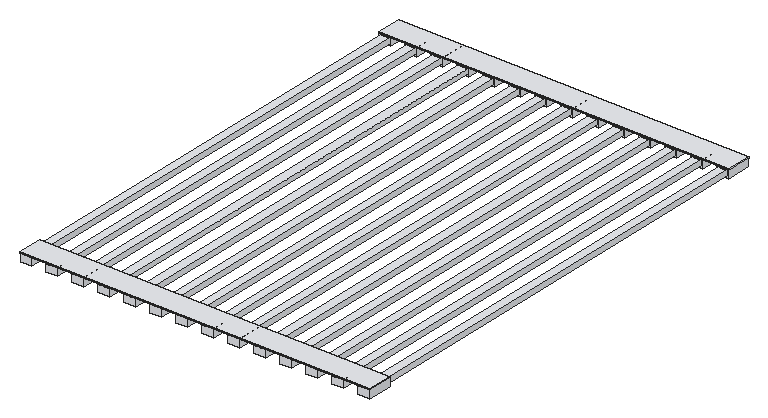
Revit family "COCLAC040 CLASSIC ROLL OUT MAT", category Plumbing Fixtures, host Face, Revit 2015
Parameters (values of type "CLASSIC ROLL OUT MAT")
  Waste Connection = no
  Vent Connection = no
  URL = "https://www.caroma.com.au/"
  Model = "COCLAC040"
  Material_Base = GWA-Acrylic-White
  Manufacturer = "GWA Bathrooms & Kitchens"  # constant formula
  HW Connection = no
  Description = "CLASSIC ROLL OUT MAT"
  Default Elevation = 0 mm
  CreatedBy_ANZRS = "GWA Bathrooms & Kitchens"  # constant formula
  CW Connection = no
  Assembly Code = "E1090300"
Reference planes
  plane 1 "Center (Front/Back)": y = 0
  plane 2: z = 0
  plane 3 "Center (Left/Right)": x = 0
Forms (mm)
  Extrusion 1, solid, material "GWA-Acrylic-White" <- "Material_Base"
    sketch origin (0, 0, 0) x (1, 0, 0) y (0, 1, 0)
      loop
        line (132.578, -20.958) -> (132.578, -43.958) -> (143.578, -43.958) -> (143.578, -20.958) -> (132.578, -20.958)
    from 0 to 7
  Extrusion 2, solid, material "GWA-Acrylic-White" <- "Material_Base"
    sketch origin (-24.5, 0, 0) x (1, 0, 0) y (0, 1, 0)
      loop
        line (132.578, -20.958) -> (132.578, -43.958) -> (143.578, -43.958) -> (143.578, -20.958) -> (132.578, -20.958)
    from 0 to 7
  Extrusion 3, solid, material "GWA-Acrylic-White" <- "Material_Base"
    sketch origin (-49, 0, 0) x (1, 0, 0) y (0, 1, 0)
      loop
        line (132.578, -20.958) -> (132.578, -43.958) -> (143.578, -43.958) -> (143.578, -20.958) -> (132.578, -20.958)
    from 0 to 7
  Extrusion 4, solid, material "GWA-Acrylic-White" <- "Material_Base"
    sketch origin (-73.5, 0, 0) x (1, 0, 0) y (0, 1, 0)
      loop
        line (132.578, -20.958) -> (132.578, -43.958) -> (143.578, -43.958) -> (143.578, -20.958) -> (132.578, -20.958)
    from 0 to 7
  Extrusion 5, solid, material "GWA-Acrylic-White" <- "Material_Base"
    sketch origin (-98, 0, 0) x (1, 0, 0) y (0, 1, 0)
      loop
        line (132.578, -20.958) -> (132.578, -43.958) -> (143.578, -43.958) -> (143.578, -20.958) -> (132.578, -20.958)
    from 0 to 7
  Extrusion 6, solid, material "GWA-Acrylic-White" <- "Material_Base"
    sketch origin (-122.5, 0, 0) x (1, 0, 0) y (0, 1, 0)
      loop
        line (132.578, -20.958) -> (132.578, -43.958) -> (143.578, -43.958) -> (143.578, -20.958) -> (132.578, -20.958)
    from 0 to 7
  Extrusion 7, solid, material "GWA-Acrylic-White" <- "Material_Base"
    sketch origin (-147, 0, 0) x (1, 0, 0) y (0, 1, 0)
      loop
        line (132.578, -20.958) -> (132.578, -43.958) -> (143.578, -43.958) -> (143.578, -20.958) -> (132.578, -20.958)
    from 0 to 7
  Extrusion 8, solid, material "GWA-Acrylic-White" <- "Material_Base"
    sketch origin (-171.5, 0, 0) x (1, 0, 0) y (0, 1, 0)
      loop
        line (132.578, -20.958) -> (132.578, -43.958) -> (143.578, -43.958) -> (143.578, -20.958) -> (132.578, -20.958)
    from 0 to 7
  Extrusion 9, solid, material "GWA-Acrylic-White" <- "Material_Base"
    sketch origin (-196, 0, 0) x (1, 0, 0) y (0, 1, 0)
      loop
        line (132.578, -20.958) -> (132.578, -43.958) -> (143.578, -43.958) -> (143.578, -20.958) -> (132.578, -20.958)
    from 0 to 7
  Extrusion 10, solid, material "GWA-Acrylic-White" <- "Material_Base"
    sketch origin (-220.5, 0, 0) x (1, 0, 0) y (0, 1, 0)
      loop
        line (132.578, -20.958) -> (132.578, -43.958) -> (143.578, -43.958) -> (143.578, -20.958) -> (132.578, -20.958)
    from 0 to 7
  Extrusion 11, solid, material "GWA-Acrylic-White" <- "Material_Base"
    sketch origin (-245, 0, 0) x (1, 0, 0) y (0, 1, 0)
      loop
        line (132.578, -20.958) -> (132.578, -43.958) -> (143.578, -43.958) -> (143.578, -20.958) -> (132.578, -20.958)
    from 0 to 7
  Extrusion 12, solid, material "GWA-Acrylic-White" <- "Material_Base"
    sketch origin (-269.5, 0, 0) x (1, 0, 0) y (0, 1, 0)
      loop
        line (132.578, -20.958) -> (132.578, -43.958) -> (143.578, -43.958) -> (143.578, -20.958) -> (132.578, -20.958)
    from 0 to 7
  Extrusion 13, solid, material "GWA-Acrylic-White" <- "Material_Base"
    sketch origin (-294, 0, 0) x (1, 0, 0) y (0, 1, 0)
      loop
        line (132.578, -20.958) -> (132.578, -43.958) -> (143.578, -43.958) -> (143.578, -20.958) -> (132.578, -20.958)
    from 0 to 7
  Extrusion 14, solid, material "GWA-Acrylic-White" <- "Material_Base"
    sketch origin (-318.5, 0, 0) x (1, 0, 0) y (0, 1, 0)
      loop
        line (132.578, -20.958) -> (132.578, -43.958) -> (143.578, -43.958) -> (143.578, -20.958) -> (132.578, -20.958)
    from 0 to 7
  Extrusion 15, solid, material "GWA-Acrylic-White" <- "Material_Base"
    sketch origin (0, 423, 0) x (1, 0, 0) y (0, 1, 0)
      loop
        line (132.578, -20.958) -> (132.578, -43.958) -> (143.578, -43.958) -> (143.578, -20.958) -> (132.578, -20.958)
    from 0 to 7
  Extrusion 16, solid, material "GWA-Acrylic-White" <- "Material_Base"
    sketch origin (-24.5, 423, 0) x (1, 0, 0) y (0, 1, 0)
      loop
        line (132.578, -20.958) -> (132.578, -43.958) -> (143.578, -43.958) -> (143.578, -20.958) -> (132.578, -20.958)
    from 0 to 7
  Extrusion 17, solid, material "GWA-Acrylic-White" <- "Material_Base"
    sketch origin (-49, 423, 0) x (1, 0, 0) y (0, 1, 0)
      loop
        line (132.578, -20.958) -> (132.578, -43.958) -> (143.578, -43.958) -> (143.578, -20.958) -> (132.578, -20.958)
    from 0 to 7
  Extrusion 18, solid, material "GWA-Acrylic-White" <- "Material_Base"
    sketch origin (-73.5, 423, 0) x (1, 0, 0) y (0, 1, 0)
      loop
        line (132.578, -20.958) -> (132.578, -43.958) -> (143.578, -43.958) -> (143.578, -20.958) -> (132.578, -20.958)
    from 0 to 7
  Extrusion 19, solid, material "GWA-Acrylic-White" <- "Material_Base"
    sketch origin (-98, 423, 0) x (1, 0, 0) y (0, 1, 0)
      loop
        line (132.578, -20.958) -> (132.578, -43.958) -> (143.578, -43.958) -> (143.578, -20.958) -> (132.578, -20.958)
    from 0 to 7
  Extrusion 20, solid, material "GWA-Acrylic-White" <- "Material_Base"
    sketch origin (-122.5, 423, 0) x (1, 0, 0) y (0, 1, 0)
      loop
        line (132.578, -20.958) -> (132.578, -43.958) -> (143.578, -43.958) -> (143.578, -20.958) -> (132.578, -20.958)
    from 0 to 7
  Extrusion 21, solid, material "GWA-Acrylic-White" <- "Material_Base"
    sketch origin (-147, 423, 0) x (1, 0, 0) y (0, 1, 0)
      loop
        line (132.578, -20.958) -> (132.578, -43.958) -> (143.578, -43.958) -> (143.578, -20.958) -> (132.578, -20.958)
    from 0 to 7
  Extrusion 22, solid, material "GWA-Acrylic-White" <- "Material_Base"
    sketch origin (-171.5, 423, 0) x (1, 0, 0) y (0, 1, 0)
      loop
        line (132.578, -20.958) -> (132.578, -43.958) -> (143.578, -43.958) -> (143.578, -20.958) -> (132.578, -20.958)
    from 0 to 7
  Extrusion 23, solid, material "GWA-Acrylic-White" <- "Material_Base"
    sketch origin (-196, 423, 0) x (1, 0, 0) y (0, 1, 0)
      loop
        line (132.578, -20.958) -> (132.578, -43.958) -> (143.578, -43.958) -> (143.578, -20.958) -> (132.578, -20.958)
    from 0 to 7
  Extrusion 24, solid, material "GWA-Acrylic-White" <- "Material_Base"
    sketch origin (-220.5, 423, 0) x (1, 0, 0) y (0, 1, 0)
      loop
        line (132.578, -20.958) -> (132.578, -43.958) -> (143.578, -43.958) -> (143.578, -20.958) -> (132.578, -20.958)
    from 0 to 7
  Extrusion 25, solid, material "GWA-Acrylic-White" <- "Material_Base"
    sketch origin (-245, 423, 0) x (1, 0, 0) y (0, 1, 0)
      loop
        line (132.578, -20.958) -> (132.578, -43.958) -> (143.578, -43.958) -> (143.578, -20.958) -> (132.578, -20.958)
    from 0 to 7
  Extrusion 26, solid, material "GWA-Acrylic-White" <- "Material_Base"
    sketch origin (-269.5, 423, 0) x (1, 0, 0) y (0, 1, 0)
      loop
        line (132.578, -20.958) -> (132.578, -43.958) -> (143.578, -43.958) -> (143.578, -20.958) -> (132.578, -20.958)
    from 0 to 7
  Extrusion 27, solid, material "GWA-Acrylic-White" <- "Material_Base"
    sketch origin (-294, 423, 0) x (1, 0, 0) y (0, 1, 0)
      loop
        line (132.578, -20.958) -> (132.578, -43.958) -> (143.578, -43.958) -> (143.578, -20.958) -> (132.578, -20.958)
    from 0 to 7
  Extrusion 28, solid, material "GWA-Acrylic-White" <- "Material_Base"
    sketch origin (-318.5, 423, 0) x (1, 0, 0) y (0, 1, 0)
      loop
        line (132.578, -20.958) -> (132.578, -43.958) -> (143.578, -43.958) -> (143.578, -20.958) -> (132.578, -20.958)
    from 0 to 7
  Extrusion 29, solid, material "GWA-Acrylic-White" <- "Material_Base"
    sketch origin (0, 0, 0) x (1, 0, 0) y (0, 0, 1)
      loop
        line (134.078, 6.5) -> (134.078, 1.5) -> (142.078, 1.5) -> (142.078, 6.5) -> (134.078, 6.5)
    from -379.042 to 20.958
  Extrusion 30, solid, material "GWA-Acrylic-White" <- "Material_Base"
    sketch origin (-24.5, 0, 0) x (1, 0, 0) y (0, 0, 1)
      loop
        line (134.078, 6.5) -> (134.078, 1.5) -> (142.078, 1.5) -> (142.078, 6.5) -> (134.078, 6.5)
    from -379.042 to 20.958
  Extrusion 31, solid, material "GWA-Acrylic-White" <- "Material_Base"
    sketch origin (-49, 0, 0) x (1, 0, 0) y (0, 0, 1)
      loop
        line (134.078, 6.5) -> (134.078, 1.5) -> (142.078, 1.5) -> (142.078, 6.5) -> (134.078, 6.5)
    from -379.042 to 20.958
  Extrusion 32, solid, material "GWA-Acrylic-White" <- "Material_Base"
    sketch origin (-73.5, 0, 0) x (1, 0, 0) y (0, 0, 1)
      loop
        line (134.078, 6.5) -> (134.078, 1.5) -> (142.078, 1.5) -> (142.078, 6.5) -> (134.078, 6.5)
    from -379.042 to 20.958
  Extrusion 33, solid, material "GWA-Acrylic-White" <- "Material_Base"
    sketch origin (-98, 0, 0) x (1, 0, 0) y (0, 0, 1)
      loop
        line (134.078, 6.5) -> (134.078, 1.5) -> (142.078, 1.5) -> (142.078, 6.5) -> (134.078, 6.5)
    from -379.042 to 20.958
  Extrusion 34, solid, material "GWA-Acrylic-White" <- "Material_Base"
    sketch origin (-122.5, 0, 0) x (1, 0, 0) y (0, 0, 1)
      loop
        line (134.078, 6.5) -> (134.078, 1.5) -> (142.078, 1.5) -> (142.078, 6.5) -> (134.078, 6.5)
    from -379.042 to 20.958
  Extrusion 35, solid, material "GWA-Acrylic-White" <- "Material_Base"
    sketch origin (-147, 0, 0) x (1, 0, 0) y (0, 0, 1)
      loop
        line (134.078, 6.5) -> (134.078, 1.5) -> (142.078, 1.5) -> (142.078, 6.5) -> (134.078, 6.5)
    from -379.042 to 20.958
  Extrusion 36, solid, material "GWA-Acrylic-White" <- "Material_Base"
    sketch origin (-171.5, 0, 0) x (1, 0, 0) y (0, 0, 1)
      loop
        line (134.078, 6.5) -> (134.078, 1.5) -> (142.078, 1.5) -> (142.078, 6.5) -> (134.078, 6.5)
    from -379.042 to 20.958
  Extrusion 37, solid, material "GWA-Acrylic-White" <- "Material_Base"
    sketch origin (-196, 0, 0) x (1, 0, 0) y (0, 0, 1)
      loop
        line (134.078, 6.5) -> (134.078, 1.5) -> (142.078, 1.5) -> (142.078, 6.5) -> (134.078, 6.5)
    from -379.042 to 20.958
  Extrusion 38, solid, material "GWA-Acrylic-White" <- "Material_Base"
    sketch origin (-220.5, 0, 0) x (1, 0, 0) y (0, 0, 1)
      loop
        line (134.078, 6.5) -> (134.078, 1.5) -> (142.078, 1.5) -> (142.078, 6.5) -> (134.078, 6.5)
    from -379.042 to 20.958
  Extrusion 39, solid, material "GWA-Acrylic-White" <- "Material_Base"
    sketch origin (-245, 0, 0) x (1, 0, 0) y (0, 0, 1)
      loop
        line (134.078, 6.5) -> (134.078, 1.5) -> (142.078, 1.5) -> (142.078, 6.5) -> (134.078, 6.5)
    from -379.042 to 20.958
  Extrusion 40, solid, material "GWA-Acrylic-White" <- "Material_Base"
    sketch origin (-269.5, 0, 0) x (1, 0, 0) y (0, 0, 1)
      loop
        line (134.078, 6.5) -> (134.078, 1.5) -> (142.078, 1.5) -> (142.078, 6.5) -> (134.078, 6.5)
    from -379.042 to 20.958
  Extrusion 41, solid, material "GWA-Acrylic-White" <- "Material_Base"
    sketch origin (-294, 0, 0) x (1, 0, 0) y (0, 0, 1)
      loop
        line (134.078, 6.5) -> (134.078, 1.5) -> (142.078, 1.5) -> (142.078, 6.5) -> (134.078, 6.5)
    from -379.042 to 20.958
  Extrusion 42, solid, material "GWA-Acrylic-White" <- "Material_Base"
    sketch origin (-318.5, 0, 0) x (1, 0, 0) y (0, 0, 1)
      loop
        line (134.078, 6.5) -> (134.078, 1.5) -> (142.078, 1.5) -> (142.078, 6.5) -> (134.078, 6.5)
    from -379.042 to 20.958
  Extrusion 43, solid, material "GWA-Acrylic-White" <- "Material_Base"
    sketch origin (0, 0, 0) x (1, 0, 0) y (0, 1, 0)
      loop
        line (-185.922, 402.042) -> (-185.922, 379.042) -> (143.578, 379.042) -> (143.578, 402.042) -> (-185.922, 402.042)
    from 7 to 8
  Extrusion 44, solid, material "GWA-Acrylic-White" <- "Material_Base"
    sketch origin (0, -423, 0) x (1, 0, 0) y (0, 1, 0)
      loop
        line (-185.922, 402.042) -> (-185.922, 379.042) -> (143.578, 379.042) -> (143.578, 402.042) -> (-185.922, 402.042)
    from 7 to 8
Lines and regions (mm)
  Masking region 1
    outline origin (0, 0, 0) x (1, 0, 0) y (0, 1, 0)
      loop
        line (143.578, 402.042) -> (-185.922, 402.042) -> (-185.922, 379.042) -> (143.578, 379.042) -> (143.578, 402.042)
  Masking region 2
    outline origin (0, 0, 0) x (1, 0, 0) y (0, 1, 0)
      loop
        line (-185.922, -20.958) -> (-185.922, -43.958) -> (143.578, -43.958) -> (143.578, -20.958) -> (-185.922, -20.958)
  Masking region 3
    outline origin (0, 0, 0) x (1, 0, 0) y (0, 1, 0)
      loop
        line (134.078, 379.042) -> (134.078, -20.958) -> (142.078, -20.958) -> (142.078, 379.042) -> (134.078, 379.042)
      loop
        line (109.578, 379.042) -> (109.578, -20.958) -> (117.578, -20.958) -> (117.578, 379.042) -> (109.578, 379.042)
      loop
        line (85.078, 379.042) -> (85.078, -20.958) -> (93.078, -20.958) -> (93.078, 379.042) -> (85.078, 379.042)
      loop
        line (60.578, 379.042) -> (60.578, -20.958) -> (68.578, -20.958) -> (68.578, 379.042) -> (60.578, 379.042)
      loop
        line (36.078, 379.042) -> (36.078, -20.958) -> (44.078, -20.958) -> (44.078, 379.042) -> (36.078, 379.042)
      loop
        line (11.578, 379.042) -> (11.578, -20.958) -> (19.578, -20.958) -> (19.578, 379.042) -> (11.578, 379.042)
      loop
        line (-12.922, 379.042) -> (-12.922, -20.958) -> (-4.922, -20.958) -> (-4.922, 379.042) -> (-12.922, 379.042)
      loop
        line (-37.422, 379.042) -> (-37.422, -20.958) -> (-29.422, -20.958) -> (-29.422, 379.042) -> (-37.422, 379.042)
      loop
        line (-61.922, 379.042) -> (-61.922, -20.958) -> (-53.922, -20.958) -> (-53.922, 379.042) -> (-61.922, 379.042)
      loop
        line (-86.422, 379.042) -> (-86.422, -20.958) -> (-78.422, -20.958) -> (-78.422, 379.042) -> (-86.422, 379.042)
      loop
        line (-110.922, 379.042) -> (-110.922, -20.958) -> (-102.922, -20.958) -> (-102.922, 379.042) -> (-110.922, 379.042)
      loop
        line (-135.422, 379.042) -> (-135.422, -20.958) -> (-127.422, -20.958) -> (-127.422, 379.042) -> (-135.422, 379.042)
      loop
        line (-159.922, 379.042) -> (-159.922, -20.958) -> (-151.922, -20.958) -> (-151.922, 379.042) -> (-159.922, 379.042)
      loop
        line (-184.422, 379.042) -> (-184.422, -20.958) -> (-176.422, -20.958) -> (-176.422, 379.042) -> (-184.422, 379.042)
  Masking region 4
    outline origin (0, 0, 0) x (1, 0, 0) y (0, 0, 1)
      loop
        line (-185.922, 8) -> (-185.922, 0) -> (-174.922, 0) -> (-174.922, 7) -> (-161.422, 7) -> (-161.422, 0) -> (-150.422, 0) -> (-150.422, 7) -> (-136.922, 7) -> (-136.922, 0) -> (-125.922, 0) -> (-125.922, 7) -> (-112.422, 7) -> (-112.422, 0) -> (-101.422, 0) -> (-101.422, 7) -> (-87.922, 7) -> (-87.922, 0) -> (-76.922, 0) -> (-76.922, 7) -> (-63.422, 7) -> (-63.422, 0) -> (-52.422, 0) -> (-52.422, 7) -> (-38.922, 7) -> (-38.922, 0) -> (-27.922, 0) -> (-27.922, 7) -> (-14.422, 7) -> (-14.422, 0) -> (-3.422, 0) -> (-3.422, 7) -> (10.078, 7) -> (10.078, 0) -> (21.078, 0) -> (21.078, 7) -> (34.578, 7) -> (34.578, 0) -> (45.578, 0) -> (45.578, 7) -> (59.078, 7) -> (59.078, 0) -> (70.078, 0) -> (70.078, 7) -> (83.578, 7) -> (83.578, 0) -> (94.578, 0) -> (94.578, 7) -> (108.078, 7) -> (108.078, 0) -> (119.078, 0) -> (119.078, 7) -> (132.578, 7) -> (132.578, 0) -> (143.578, 0) -> (143.578, 8) -> (-185.922, 8)
  Masking region 5
    outline origin (0, 0, 0) x (0, 1, 0) y (0, 0, 1)
      loop
        line (-43.958, 8) -> (-43.958, 0) -> (-20.958, 0) -> (-20.958, 8) -> (-43.958, 8)
      loop
        line (379.042, 8) -> (379.042, 0) -> (402.042, 0) -> (402.042, 8) -> (379.042, 8)
  Masking region 6
    outline origin (0, 0, 0) x (0, 1, 0) y (0, 0, 1)
      loop
        line (-20.958, 6.5) -> (-20.958, 1.5) -> (379.042, 1.5) -> (379.042, 6.5) -> (-20.958, 6.5)
Dimensions and locks
  aligned and locked: plane 2 to host face
  aligned and locked: level to host face
